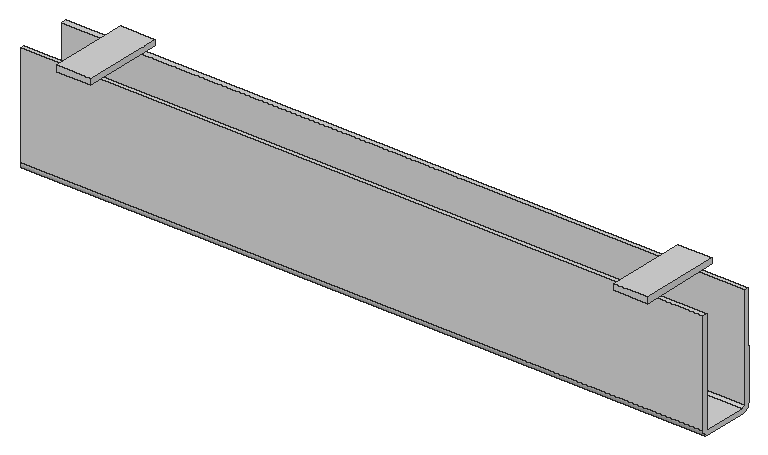
Revit family "LGW_COMPENSATION TUBE LGW 0,6_1923053", category Generic Models, Revit 2018
Family settings
  Can host rebar = No
  Round Connector Dimension = Use Diameter
  Part Type = Normal
  OmniClass Number = 35.51.14.00
  OmniClass Title = FORMWORK
  Work Plane-Based = Yes
  Always vertical = No
  Cut with Voids When Loaded = No
  Shared = Yes
  Room Calculation Point = No
Parameters
  VERSION = "20190101"  # constant formula
  URL = "www.ulmaconstruction.com/en"
  UNICLASS = ""
  ITEM_CODE = "1923053"
  Manufacturer = "ULMA CONSTRUCTION"  # constant formula
  FILTER [instance] = ""
  Default Elevation = 0.000 mm
  CLASSIFICATION_TITLE = ""
  CLASSIFICATION_NUMBER = ""
Reference planes
  plane 1 "Centro (Frontal/Posterior)": y = 0
  plane 2: z = 0
  plane 3 "Centro (Izquierda/Derecha)": x = 0
  plane 4 "ITEM_HEIGHT": x = 600
  plane 5 "MIDDLE": y = -25
  plane 6 "HOLE 1": x = 300
Forms (mm)
  Extrusion 1, solid, material "ULMA ZINC"
    sketch origin (0, 0, 0) x (0, 1, 0) y (0, 0, 1)
      loop
        line (-50, 0) -> (-50, -90.5)
        arc (-50, -90.5) -> (-48.243, -94.743) -> (-44, -96.5) r 6
        line (-44, -96.5) -> (-6, -96.5)
        arc (-6, -96.5) -> (-1.757, -94.743) -> (0, -90.5) r 6
        line (0, -90.5) -> (0, 0) -> (-4, 0) -> (-4, -90.5)
        arc (-4, -90.5) -> (-4.586, -91.914) -> (-6, -92.5) r 2
        line (-6, -92.5) -> (-44, -92.5)
        arc (-44, -92.5) -> (-45.414, -91.914) -> (-46, -90.5) r 2
        line (-46, -90.5) -> (-46, 0) -> (-50, 0)
    from 0 to 600
  Extrusion 2, solid, material "ULMA ZINC"
    sketch origin (0, 0, 0) x (0, 1, 0) y (0, 0, 1)
      loop
        line (-60, 0) -> (10, 0) -> (10, 5) -> (-60, 5) -> (-60, 0)
    from 40 to 70
  Extrusion 3, solid, material "ULMA ZINC"
    sketch origin (760, 0, 0) x (0, 1, 0) y (0, 0, 1)
      loop
        line (-60, 0) -> (10, 0) -> (10, 5) -> (-60, 5) -> (-60, 0)
    from -230 to -200
Lines and regions (mm)
  model lines, style "ULMA PANELS", detail levels fine
    curve 1: circle (300, -25, -96.5) r 12.5 normal (0, 0, 1)
    curve 2: circle (300, -25, -92.5) r 12.5 normal (0, 0, 1)
Dimensions and locks
  locked: plane 3 "Centro (Izquierda/Derecha)" to plane 4 "ITEM_HEIGHT" at 600
  aligned and locked: level to plane 2
  aligned and locked: plane 4 "ITEM_HEIGHT" to Extrusion 1
